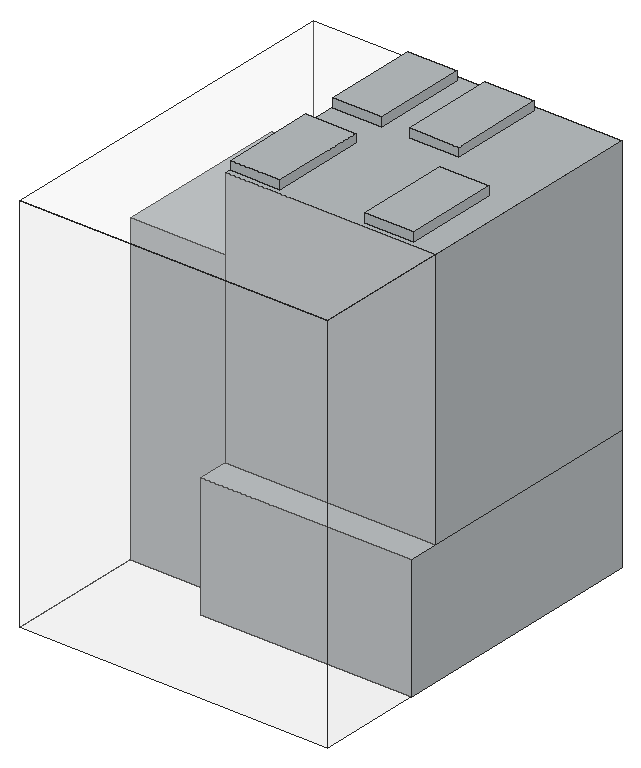
Revit family "lpb-350_500kx5-k_60Hz", category 機械設備, Revit 2019
Family settings
  丸型コネクタ寸法 = 直径を使用
  パーツ タイプ = 標準
  OmniClass 番号 = 23.75.10.34.21
  OmniClass タイトル = Heat Exchangers for Ventilation Air
  作業面ベース = いいえ
  常に垂直 = はい
  ロード時にボイドで切り取り = いいえ
  共有 = いいえ
  部屋計算ポイント = いいえ
Parameters (values of type "LPB-350KX5-K")
  騒音レベル(dB(A)) = 52
  風量 = 3500.0 m³/h
  面風速 = 6.43 m/s
  電源種別 [instance] = ""
  電圧 = 200 V
  電動機出力 = 2.2 W
  集中コントローラ = ""
  運転質量 = 0.00 kg
  連動 [instance] = ""
  質量 = if(製品質量 > 運転質量, 製品質量, 運転質量) * 1.2  # 700.80 kg
  負荷分類 = 3_ファン類
  説明 = "設備用ロスナイ 床置ビルトイン形機械室設置タイプ加湿付"
  設計風量 = 0.0 m³/h
  設置方法 = "床置形"
  記号 [instance] = ""
  製造元 = "三菱電機株式会社"
  製品質量 = 584.00 kg
  製品出荷対象 = "国内"
  製品リリース年月 = "2018/7/25"
  製品グループ = ""
  給水管_Width = 46 mm
  給水管_H = 316 mm
  給水管_D = 131 mm
  系統 [instance] = ""
  符号 = "HEU"
  積算_科目 = "1 空気調和設備"
  積算_拾い区分 [instance] = ""
  相 = 3
  盤記号 [instance] = ""
  発停方法 [instance] = ""
  特殊仕様 [instance] = ""
  火災停止 [instance] = ""
  温度交換効率 = 77.00%
  消費電力 = 3900 W
  法定耐用年数 = "15"
  機外静圧_排気 = 325.0 Pa
  機外静圧 = 325.0 Pa
  極数 = 3
  材質 [instance] = ""
  本体固定用穴ピッチ3 = 300 mm
  本体固定用穴ピッチ2 = 650 mm
  本体固定用穴ピッチ1 = 1710 mm
  本体固定用穴_径 = 20 mm
  本体マテリアル = 溶融亜鉛めっき鋼板
  有効加湿量 = 8.8
  操作・制御方式 = ""
  操作・制御スイッチ = ""
  排気量 = 0.0 m³/h
  形式 = "床置形"
  幹線記号 [instance] = ""
  対象室 [instance] = ""
  実風量 = 0.0 m³/h
  始動方式 [instance] = "直入"
  外気量 = 0.0 m³/h
  呼称 = "全熱交換ユニット"
  周波数 = 60 Hz
  参照している仕様書等のバージョン = "公共建築工事標準仕様書（機械設備工事編）平成31年度版"
  加湿給水管径 = 21.7 mm
  初期抵抗 = 0.0 Pa
  分類コード = "50052504100050"
  分類グループ = ""
  価格 = 8395000
  企業コード = "108420"
  付属品_フィルター_還気 = ""
  付属品_フィルター = ""
  付属品 [instance] = ""
  仕様書バージョン = "Version1.0"
  モデル = "LPB-350KX5-K"
  メンテナンススペース = yes
  ドレン管径 = 27.2 mm
  ドレン管_Width = 46 mm
  ドレン管_H = 65 mm
  ドレン管_D = 326 mm
  コメント [instance] = ""
  Keynote = ""
  エンタルピ交換効率_暖房 = 66.50%
  エンタルピ交換効率_冷房 = 60.50%
  Assembly Code = ""
  Width = 1200 mm
  W2 = 555 mm
  W1 = 1200 mm
  Version = ""
  Uniclass2015Version = "Systems v1.9"
  Uniclass2015Title = "Thermal wheels"
  Uniclass2015Code = "Pr_60_60_36_88"
  URL = "https://www.mitsubishielectric.co.jp/ldg/wink/ssl/displayProduct.do?pid=294068"
  SpecificationReference = ""
  SpecificationDescription = ""
  SAサイズ_W = 280 mm
  SAサイズ_D = 540 mm
  Revision = ""
  RAサイズ_W = 280 mm
  RAサイズ_D = 540 mm
  ProductInformation = ""
  OmniClassCode = "23-27 23 19 11"
  OAサイズ_W = 280 mm
  OAサイズ_D = 540 mm
  MIN風量 = 0.0 m³/h
  MIN静圧 = 0.0 Pa
  MID風量 = 0.0 m³/h
  MID静圧 = 0.0 Pa
  MAX風量 = 3500.0 m³/h
  MAX静圧 = 325.0 Pa
  IfcTypeProduct = ""
  IfcProduct = ""
  IfcExportType = "ROTARYWHEEL"
  IfcExportAs = "IfcAirToAirHeatRecoveryType"
  Height = 1486 mm
  H2 = 1750 mm
  H1 = 700 mm
  EAサイズ_W = 280 mm
  EAサイズ_D = 540 mm
  Duct_SA_W = 6 mm
  Duct_RA_W = 150 mm
  Duct_OA_W = 475 mm
  Duct_Height = 50 mm
  Duct_EA_W = 6 mm
  Duct_D = 30 mm
  Depth = 1328 mm
  D3 = 188 mm
  D2 = 1007 mm
  D1 = 1500 mm
  Clearance Top = 0 mm
  Clearance Right = 0 mm
  Clearance Left = 0 mm
  Clearance Front = 600 mm
  Clearance Bottom = 0 mm
  Clearance Back = 0 mm
  Author = "三菱電機株式会社"
Types (2, lengths in mm): name | 騒音レベル(dB(A)) | 風量 | 面風速 | 電動機出力 | 質量 | 製品質量 | 消費電力 | 機外静圧_排気 | 機外静圧 | 本体固定用穴ピッチ3 | 本体固定用穴ピッチ2 | 本体固定用穴ピッチ1 | 有効加湿量 | 価格 | モデル | ドレン管_D | Width | W1 | URL | SAサイズ_D | RAサイズ_D | OAサイズ_D | MAX風量 | MAX静圧 | Height | H2 | EAサイズ_D | Duct_RA_W | Duct_OA_W | Depth | D3 | D2 | D1
  LPB-350KX5-K | 52 | 3500.0 m³/h | 6.43 m/s | 2.2 W | 700.80 kg | 584.00 kg | 3900 W | 325.0 Pa | 325.0 Pa | 300 | 650 | 1710 | 8.8 | 8395000 | "LPB-350KX5-K" | 326 | 1200 | 1200 | "https://www.mitsubishielectric.co.jp/ldg/wink/ssl/displayProduct.do?pid=294068" | 540 | 540 | 540 | 3500.0 m³/h | 325.0 Pa | 1486 | 1750 | 540 | 150 | 475 | 1328 | 188 | 1007 | 1500
  LPB-500KX5-K | 58 | 5000.0 m³/h | 6.89 m/s | 3.7 W | 884.40 kg | 737.00 kg | 6200 W | 460.0 Pa | 460.0 Pa | 450 | 750 | 1810 | 12.5 | 10442000 | "LPB-500KX5-K" | 256 | 1300 | 1300 | "https://www.mitsubishielectric.co.jp/ldg/wink/ssl/displayProduct.do?pid=294069" | 720 | 720 | 720 | 5000.0 m³/h | 460.0 Pa | 1586 | 2000 | 720 | 202 | 528 | 1690 | 190 | 1240 | 1690
Reference planes
  plane 1 "中心(正面/背面)": y = 0
  plane 2: z = 0
  plane 3 "中心(左/右)": x = 0
  plane 4: z = 0
  plane 5: x = -600
  plane 6: y = 664
  plane 7: y = -664
  plane 8: x = 600
  plane 9: x = 600
  plane 10: y = 664
  plane 11: y = -836
  plane 12: x = -600
  plane 13: y = 664
  plane 14: y = -1436
  plane 15: x = -1155
  plane 16: y = -648
  plane 17: y = 359
  plane 18: x = 600
  plane 19: x = -1155
  plane 20: y = -634
  plane 21: y = -94
  plane 22: y = 634
  plane 23: y = 94
  plane 24: y = -634
  plane 25: y = -94
  plane 26: y = 634
  plane 27: y = 94
  plane 28: x = -594
  plane 29: x = -314
  plane 30: x = 450
  plane 31: x = 170
  plane 32: x = -594
  plane 33: x = -314
  plane 34: x = 125
  plane 35: x = -155
  plane 36: z = 700
  plane 37: z = 2186
  plane 38: z = 2236
  plane 39: z = 1750
  plane 40: y = -322
  plane 41: y = -517
  plane 42: z = 65
  plane 43: z = 316
  plane 44: x = -1201
  plane 45: x = -1201
  plane 46: x = 575
  plane 47: x = -1135
  plane 48: y = -86
  plane 49: y = -386
  plane 50: y = 214
  plane 51: y = -736
  plane 52: y = 564
  plane 53: z = 2186
Forms (mm)
  Extrusion 1, solid, material "溶融亜鉛めっき鋼板" <- "本体マテリアル", detail levels fine
    sketch origin (0, 0, 0) x (1, 0, 0) y (0, 1, 0)
      loop
        line (-600, -836) -> (600, -836) -> (600, 664) -> (-600, 664) -> (-600, -836)
    from 0 to 700
  Extrusion 2, solid, material "溶融亜鉛めっき鋼板" <- "本体マテリアル", detail levels fine
    sketch origin (0, 0, 0) x (1, 0, 0) y (0, 1, 0)
      loop
        line (600, 664) -> (-600, 664) -> (-600, -664) -> (600, -664) -> (600, 664)
    from 700 to 2186
  Extrusion 3, solid, material "溶融亜鉛めっき鋼板" <- "本体マテリアル", detail levels fine
    sketch origin (0, 0, 0) x (1, 0, 0) y (0, 1, 0)
      loop
        line (-594, 634) -> (-594, 94) -> (-314, 94) -> (-314, 634) -> (-594, 634)
      loop
        line (-155, 634) -> (-155, 94) -> (125, 94) -> (125, 634) -> (-155, 634)
      loop
        line (-594, -634) -> (-314, -634) -> (-314, -94) -> (-594, -94) -> (-594, -634)
      loop
        line (170, -634) -> (450, -634) -> (450, -94) -> (170, -94) -> (170, -634)
    from 2186 to 2236
  Extrusion 4, solid, material "溶融亜鉛めっき鋼板" <- "本体マテリアル", detail levels fine
    sketch origin (0, 0, 0) x (1, 0, 0) y (0, 1, 0)
      loop
        line (-1155, -648) -> (-600, -648) -> (-600, 359) -> (-1155, 359) -> (-1155, -648)
    from 0 to 1750
  Extrusion 5, solid, material "溶融亜鉛めっき鋼板" <- "本体マテリアル", detail levels fine
    sketch origin (0, 0, 0) x (0, 1, 0) y (0, 0, 1)
      loop
        circle (-322, 65) r 13.6
    from -1201 to -1155
  Extrusion 6, solid, material "溶融亜鉛めっき鋼板" <- "本体マテリアル", detail levels fine
    sketch origin (0, 0, 0) x (0, 1, 0) y (0, 0, 1)
      loop
        circle (-517, 316) r 10.85
    from -1201 to -1155
Lines and regions (mm)
  Masking region 1, detail levels coarse+medium
    outline origin (1331.5, 88, 0) x (1, 0, 0) y (0, 1, 0)
      loop
        line (-1931.5, 576) -> (-1931.5, -752) -> (-731.5, -752) -> (-731.5, 576) -> (-1931.5, 576)
  symbolic lines, detail levels coarse+medium
    curve 1: line (0, 664, 0) -> (-600, 0, 0)
    curve 2: line (-600, 0, 0) -> (0, -664, 0)
    curve 3: line (0, -664, 0) -> (600, 0, 0)
    curve 4: line (0, 664, 0) -> (600, 0, 0)
Dimensions and locks
  equal spacing: plane 5, plane 3 "中心(左/右)", plane 8
  "Width": plane 5 to plane 8
  equal spacing: plane 6, plane 1 "中心(正面/背面)", plane 7
  "Depth": plane 7 to plane 6
  "D1": plane 10 to plane 11
  locked: plane 6 to plane 10 at 0
  equal spacing: plane 12, plane 3 "中心(左/右)", plane 9
  "W1": plane 12 to plane 9
  "Clearance Back": plane 13 to plane 10
  "Clearance Front": plane 11 to plane 14
  "D3": plane 16 to plane 11
  "D2": plane 17 to plane 16
  "W2": plane 15 to plane 12
  "Clearance Right": plane 9 to plane 18
  "Clearance Left": plane 19 to plane 15
  "Duct_D": plane 7 to plane 20
  "RAサイズ_D": plane 21 to plane 20
  "OAサイズ_D": plane 23 to plane 22
  "Duct_D": plane 22 to plane 6
  "Duct_D": plane 7 to plane 24
  "SAサイズ_D": plane 24 to plane 25
  "EAサイズ_D": plane 26 to plane 27
  "Duct_D": plane 6 to plane 26
  "Duct_SA_W": plane 5 to plane 28
  "SAサイズ_W": plane 28 to plane 29
  "RAサイズ_W": plane 30 to plane 31
  "Duct_RA_W": plane 30 to plane 8
  "EAサイズ_W": plane 32 to plane 33
  "OAサイズ_W": plane 34 to plane 35
  "Duct_EA_W": plane 5 to plane 32
  "Duct_OA_W": plane 34 to plane 8
  "H1": plane 36 to level
  "Height": plane 37 to plane 36
  "Duct_Height": plane 38 to plane 37
  "H2": plane 39 to level
  "ドレン管_H": plane 42 to level
  "給水管_H": plane 43 to level
  "給水管_Width": plane 44 to plane 15
  "ドレン管_Width": plane 45 to plane 15
  "本体固定用穴ピッチ1": plane 47 to plane 46
  locked: plane 46 to plane 8 at 25
  equal spacing: plane 10, plane 48, plane 11
  "本体固定用穴ピッチ3": plane 49 to plane 48 to plane 50
  "本体固定用穴ピッチ2": plane 51 to plane 48 to plane 52
  "Clearance Top": plane 53 to plane 37
  "給水管_D": plane 41 to plane 16
  "ドレン管_D": plane 40 to plane 16
  "ドレン管径": diameter of Extrusion 5 sketch curve
  "加湿給水管径": diameter of Extrusion 6 sketch curve
  aligned and locked: level to plane 2
  aligned and locked: Masking region 1 to plane 8
  aligned and locked: plane 6 to Masking region 1
  aligned and locked: Masking region 1 to plane 5
  aligned and locked: plane 7 to Masking region 1
  aligned and locked: plane 1 "中心(正面/背面)" to curve 2
  aligned and locked: plane 7 to curve 3
  aligned and locked: plane 6 to curve 4
  aligned and locked: plane 1 "中心(正面/背面)" to curve 3
  aligned and locked: plane 5 to curve 1
  aligned and locked: Extrusion 1 sketch curve to plane 11
  aligned and locked: plane 12 to Extrusion 1 sketch curve
  aligned and locked: plane 10 to Extrusion 1 sketch curve
  aligned and locked: plane 9 to Extrusion 1 sketch curve
  aligned and locked: plane 6 to Extrusion 2 sketch curve
  aligned and locked: Extrusion 2 sketch curve to plane 8
  aligned and locked: plane 7 to Extrusion 2 sketch curve
  aligned and locked: Extrusion 2 sketch curve to plane 5
  aligned and locked: Extrusion 3 sketch curve to plane 26
  aligned and locked: plane 32 to Extrusion 3 sketch curve
  aligned and locked: plane 27 to Extrusion 3 sketch curve
  aligned and locked: Extrusion 3 sketch curve to plane 33
  aligned and locked: plane 22 to Extrusion 3 sketch curve
  aligned and locked: Extrusion 3 sketch curve to plane 35
  aligned and locked: Extrusion 3 sketch curve to plane 23
  aligned and locked: plane 34 to Extrusion 3 sketch curve
  aligned and locked: plane 24 to Extrusion 3 sketch curve
  aligned and locked: Extrusion 3 sketch curve to plane 28
  aligned and locked: Extrusion 3 sketch curve to plane 25
  aligned and locked: plane 29 to Extrusion 3 sketch curve
  aligned and locked: Extrusion 3 sketch curve to plane 20
  aligned and locked: plane 31 to Extrusion 3 sketch curve
  aligned and locked: plane 21 to Extrusion 3 sketch curve
  aligned and locked: Extrusion 3 sketch curve to plane 30
  aligned and locked: Extrusion 4 sketch curve to plane 16
  aligned and locked: Extrusion 4 sketch curve to plane 15
  aligned and locked: Extrusion 4 sketch curve to plane 17
  aligned and locked: Extrusion 4 sketch curve to plane 12
  aligned and locked: plane 38 to Extrusion 3
  aligned and locked: Extrusion 3 to plane 37
  aligned and locked: plane 37 to Extrusion 2
  aligned and locked: Extrusion 2 to plane 36
  aligned and locked: Extrusion 1 to level
  aligned and locked: plane 39 to Extrusion 4
  aligned and locked: Extrusion 4 to level
  aligned and locked: nested 2 to plane 48
  aligned and locked: nested 2 to plane 47
  aligned and locked: plane 46 to nested 2
  aligned and locked: plane 47 to nested 1
  aligned and locked: nested 1 to plane 49
  aligned and locked: nested 1 to plane 50
  aligned and locked: plane 46 to nested 3
  aligned and locked: plane 51 to nested 3
  aligned and locked: nested 3 to plane 52
  aligned and locked: nested 4 to plane 19
  aligned and locked: nested 4 to plane 18
  aligned and locked: nested 4 to plane 14
  aligned and locked: nested 4 to plane 13
  aligned and locked: plane 53 to nested 4
  aligned and locked: level to nested 4
  aligned and locked: Extrusion 6 to plane 44
  aligned and locked: plane 15 to Extrusion 6
  aligned and locked: Extrusion 5 to plane 45
  aligned and locked: plane 15 to Extrusion 5
Automatic sketch dimensions
  Extrusion 5 sketch curve to plane 40 = 0 mm
  Extrusion 5 sketch curve to plane 42 = 0 mm
  Extrusion 6 sketch curve to plane 41 = 0 mm
  Extrusion 6 sketch curve to plane 43 = 0 mm
  curve 2 to plane 3 "中心(左/右)" = 0 mm
  curve 4 to plane 3 "中心(左/右)" = 0 mm
  curve 4 to plane 8 = 0 mm
  Masking region 1 sketch curve to plane 5 = 0 mm
  plane 7 to Masking region 1 sketch curve = 0 mm
  Masking region 1 sketch curve to plane 8 = 0 mm
  Masking region 1 sketch curve to plane 6 = 0 mm
Nested families
  nested 1: "固定点" at (-1135, 214, 0) x (0, -1, 0) z (0, 0, 1), type "固定点"
    with W 600 mm, D 1000 mm
  nested 2: "固定点" at (-1135, -86, 0), type "固定点"
    with W 1710 mm, D 1000 mm
  nested 3: "固定点" at (575, -736, 0) x (0, 1, 0) z (0, 0, 1), type "固定点"
    with W 1300 mm, D 1000 mm
  nested 4: "メンテナンススペース" at (-277.5, -386, 1093), visible <- "メンテナンススペース", type "メンテナンススペース"
    with Width 1755 mm, Height 2186 mm, Depth 2100 mm
Connectors
  hvac at (-454, -364, 2236), driven by "機外静圧", driven by "風量", driven by "SAサイズ_D", driven by "SAサイズ_W"
    settings: on Extrusion 3, index 1, duct flow 3500.0 m³/h, flow factor 0, pres drop 325.0 Pa, loss coef 0, conn angle 0.00°, conn width 280 mm, conn height 540 mm, conn diameter 609.6 mm, duct sys type 1, conn prof type 1, flow config 0, flow direction 2, loss method 4, conn ref index -1, conn util no, is conn primary yes, conn desc ""
  hvac at (310, -364, 2236), driven by "機外静圧", driven by "風量", driven by "RAサイズ_D", driven by "RAサイズ_W"
    settings: on Extrusion 3, index 2, duct flow 3500.0 m³/h, flow factor 0, pres drop 325.0 Pa, loss coef 0, conn angle 0.00°, conn width 280 mm, conn height 540 mm, conn diameter 609.6 mm, duct sys type 2, conn prof type 1, flow config 0, flow direction 1, loss method 4, conn ref index -1, conn util no, is conn primary no, conn desc ""
  hvac at (-454, 364, 2236), driven by "EAサイズ_D", driven by "EAサイズ_W", driven by "機外静圧_排気", driven by "風量"
    settings: on Extrusion 3, index 3, duct flow 3500.0 m³/h, flow factor 0, pres drop 325.0 Pa, loss coef 0, conn angle 0.00°, conn width 280 mm, conn height 540 mm, conn diameter 609.6 mm, duct sys type 3, conn prof type 1, flow config 0, flow direction 2, loss method 4, conn ref index -1, conn util no, is conn primary no, conn desc ""
  hvac at (-15, 364, 2236), driven by "機外静圧", driven by "風量", driven by "OAサイズ_D", driven by "OAサイズ_W"
    settings: on Extrusion 3, index 4, duct flow 3500.0 m³/h, flow factor 0, pres drop 325.0 Pa, loss coef 0, conn angle 0.00°, conn width 280 mm, conn height 540 mm, conn diameter 609.6 mm, duct sys type 4, conn prof type 1, flow config 0, flow direction 1, loss method 4, conn ref index -1, conn util no, is conn primary no, conn desc ""
  electrical at (0, -664, 1443), driven by "極数", driven by "負荷分類", driven by "電圧", driven by "消費電力"
    settings: on Extrusion 2, index 6, voltage 200 V, apparent load 3900 VA, apparent load phase1 0 VA, apparent load phase2 0 VA, apparent load phase3 0 VA, power factor 1, load classification "3_ファン類", number of poles 3, system type 30, power factor state 1, is connector primary yes, connector utility no, sub classification motor no, connector description ""
  piping at (-1201, -517, 316), diameter 21.7, driven by "加湿給水管径"
    settings: on Extrusion 6, index 7, connector inside diameter 609.6 mm, connector length 0 mm, flow factor 0, pipe flow 0.0 L/s, pressure drop 0.0 Pa, fitting loss kfactor 0, connector angle 0.00°, fixture units 0, engagement length 0 mm, angle of deflection 0.00°, flow configuration 0, flow direction 1, fitting loss method 4, system type 20, joint type 0, gender type 0, connector reference index -1, connector utility 0, adjustable connector no, is connector primary yes, connector description ""
  piping at (-1201, -322, 65), diameter 27.2, driven by "ドレン管径"
    settings: on Extrusion 5, index 8, connector inside diameter 609.6 mm, connector length 0 mm, flow factor 0, pipe flow 0.0 L/s, pressure drop 0.0 Pa, fitting loss kfactor 0, connector angle 0.00°, fixture units 0, engagement length 0 mm, angle of deflection 0.00°, flow configuration 0, flow direction 2, fitting loss method 4, system type 16, joint type 0, gender type 0, connector reference index -1, connector utility 0, adjustable connector no, is connector primary no, connector description ""
Definition of nested family "メンテナンススペース"
  Parameters (values of type "メンテナンススペース")
    Width [instance] = 500 mm
    Height [instance] = 500 mm
    Depth [instance] = 500 mm
  Reference planes
    plane 1 "中心(正面/背面)": y = 0
    plane 2: z = 0
    plane 3 "中心(左/右)": x = 0
    plane 4: y = -250
    plane 5: x = 250
    plane 6: y = 250
    plane 7: x = -250
    plane 8: z = 250
    plane 9: z = -250
  Forms (mm)
    Extrusion 1, solid
      sketch origin (-638.939, 0, 72.39) x (1, 0, 0) y (0, 1, 0)
        loop
          line (388.939, 250) -> (388.939, -250) -> (888.939, -250) -> (888.939, 250) -> (388.939, 250)
      from -322.39 to 177.61
  Lines and regions (mm)
    symbolic lines
      curve 1: line (-250, 0, 250) -> (250, 0, 250)
      curve 2: line (-250, 0, -250) -> (-250, 0, 250)
      curve 3: line (250, 0, -250) -> (-250, 0, -250)
      curve 4: line (250, 0, 250) -> (250, 0, -250)
      curve 5: line (0, -250, 250) -> (0, 250, 250)
      curve 6: line (0, -250, -250) -> (0, -250, 250)
      curve 7: line (0, 250, -250) -> (0, -250, -250)
      curve 8: line (0, 250, 250) -> (0, 250, -250)
      curve 9: line (-250, 250, 0) -> (250, 250, 0)
      curve 10: line (-250, -250, 0) -> (-250, 250, 0)
      curve 11: line (250, -250, 0) -> (-250, -250, 0)
      curve 12: line (250, 250, 0) -> (250, -250, 0)
  Dimensions and locks
    equal spacing: plane 7, plane 3 "中心(左/右)", plane 5
    equal spacing: plane 4, plane 1 "中心(正面/背面)", plane 6
    "Depth": plane 4 to plane 6
    "Width": plane 7 to plane 5
    equal spacing: plane 8, plane 2, plane 9
    "Height": plane 8 to plane 9
    aligned and locked: plane 9 to curve 3
    aligned and locked: plane 7 to curve 2
    aligned and locked: curve 4 to plane 5
    aligned and locked: plane 5 to Extrusion 1
    aligned and locked: Extrusion 1 to plane 7
    aligned and locked: Extrusion 1 to plane 9
    aligned and locked: plane 8 to Extrusion 1
    aligned and locked: plane 9 to curve 7
  Automatic sketch dimensions
    plane 4 to Extrusion 1 sketch curve = 0 mm
    Extrusion 1 sketch curve to plane 7 = 0 mm
    Extrusion 1 sketch curve to plane 5 = 0 mm
    plane 6 to Extrusion 1 sketch curve = 0 mm
    curve 2 to plane 8 = 0 mm
    plane 4 to curve 11 = 0 mm
    curve 11 to plane 7 = 0 mm
    curve 11 to plane 5 = 0 mm
    plane 6 to curve 10 = 0 mm
    curve 7 to plane 4 = 0 mm
    curve 7 to plane 6 = 0 mm
    curve 6 to plane 8 = 0 mm
Definition of nested family "固定点"
  Parameters (values of type "固定点")
    中心円 = 20 mm
    W [instance] = 1000 mm
    D [instance] = 1000 mm
  Reference planes
    plane 1 "中心(正面/背面)": y = 0
    plane 2: z = 0
    plane 3 "中心(左/右)": x = 0
    plane 4: x = 1000
  Lines and regions (mm)
    symbolic lines, detail levels fine
      curve 1: circle (0, 0, 0) r 10 normal (0, 0, 1)
      curve 2: circle (1000, 0, 0) r 10 normal (0, 0, 1)
      curve 3: line (-200, 0, 0) -> (1200, 0, 0)
      curve 4: line (0, 200, 0) -> (0, -200, 0)
      curve 5: line (1000, 200, 0) -> (1000, -200, 0)
  Dimensions and locks
    "W": plane 3 "中心(左/右)" to plane 4
    "中心円": diameter of curve 1
    "中心円": diameter of curve 2
    aligned and locked: level to plane 2
    aligned and locked: plane 3 "中心(左/右)" to curve 1
    aligned and locked: plane 1 "中心(正面/背面)" to curve 1
    aligned and locked: plane 1 "中心(正面/背面)" to curve 2
    aligned and locked: plane 4 to curve 2
    aligned and locked: plane 1 "中心(正面/背面)" to curve 3
    aligned and locked: curve 4 to plane 3 "中心(左/右)"
    aligned and locked: curve 5 to plane 4
  Automatic sketch dimensions
    curve 3 to plane 3 "中心(左/右)" = 200 mm
    curve 2 to curve 3 = 200 mm
    plane 1 "中心(正面/背面)" to curve 4 = 200 mm
    plane 1 "中心(正面/背面)" to curve 5 = 200 mm
    curve 5 to plane 1 "中心(正面/背面)" = 200 mm
    curve 4 to plane 1 "中心(正面/背面)" = 200 mm
